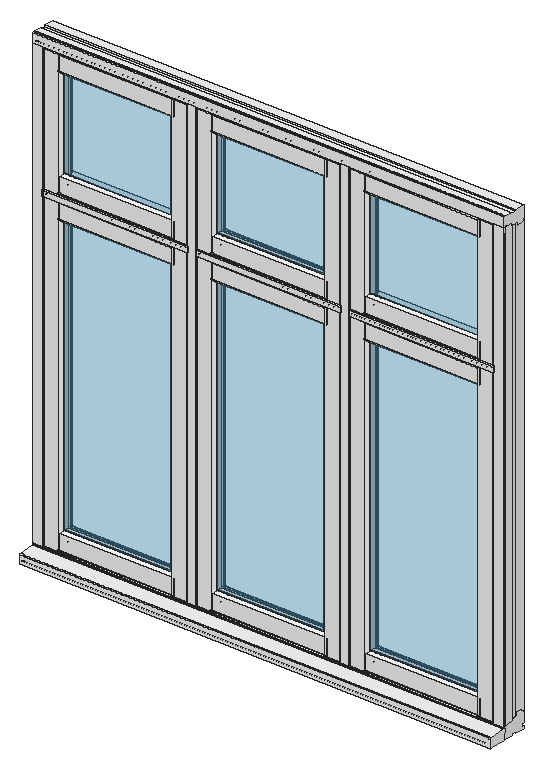
Revit family "C33", category Generic Models, Revit 2012 (continued)
Automatic sketch dimensions
  plane 9 to Extrusion 16 sketch curve = 20.384 mm
  Extrusion 16 sketch curve to Extrusion 16 sketch curve = 2 mm  (x4)
  Extrusion 16 sketch curve to Extrusion 16 sketch curve = 3 mm  (x2)
  Extrusion 16 sketch curve to Extrusion 16 sketch curve = 10 mm  (x2)
  Extrusion 16 sketch curve to Extrusion 16 sketch curve = 11 mm
  plane 1 "Center (Front/Back)" to Extrusion 16 sketch curve = 7.616 mm
  Extrusion 16 sketch curve to plane 15 = 6.601 mm
  plane 22 to Extrusion 16 sketch curve = 8 mm
  Extrusion 16 sketch curve to Extrusion 16 sketch curve = 41 mm
  Extrusion 16 sketch curve to Extrusion 16 sketch curve = 6 mm
  Extrusion 17 sketch curve to plane 26 = 0 mm
  plane 26 to Extrusion 17 sketch curve = 3 mm
  plane 9 to Extrusion 17 sketch curve = 20.5 mm
  Extrusion 17 sketch curve to Extrusion 17 sketch curve = 2 mm  (x4)
  Extrusion 17 sketch curve to Extrusion 17 sketch curve = 3 mm  (x2)
  Extrusion 17 sketch curve to Extrusion 17 sketch curve = 10 mm  (x2)
  Extrusion 17 sketch curve to Extrusion 17 sketch curve = 11 mm
  plane 1 "Center (Front/Back)" to Extrusion 17 sketch curve = 7.5 mm
  Extrusion 17 sketch curve to plane 15 = 6.485 mm
  plane 26 to Extrusion 17 sketch curve = 11.993 mm
  Extrusion 17 sketch curve to Extrusion 17 sketch curve = 41 mm
  Extrusion 17 sketch curve to Extrusion 17 sketch curve = 6 mm
  Extrusion 18 sketch curve to plane 23 = 0 mm  (x4)
  Extrusion 18 sketch curve to plane 21 = 0 mm  (x4)
  plane 9 to Extrusion 18 sketch curve = 19.384 mm
  Extrusion 18 sketch curve to Extrusion 18 sketch curve = 4 mm  (x2)
  Extrusion 18 sketch curve to plane 21 = 2 mm
  Extrusion 18 sketch curve to Extrusion 18 sketch curve = 2 mm  (x2)
  Extrusion 18 sketch curve to Extrusion 18 sketch curve = 7 mm  (x2)
  Extrusion 18 sketch curve to plane 23 = 2 mm
  plane 22 to Extrusion 18 sketch curve = 2 mm
  plane 1 "Center (Front/Back)" to Extrusion 18 sketch curve = 7.616 mm  (x2)
  plane 20 to Extrusion 18 sketch curve = 2 mm
  Extrusion 18 sketch curve to plane 1 "Center (Front/Back)" = 0.384 mm  (x2)
  Extrusion 18 sketch curve to Extrusion 18 sketch curve = 3 mm  (x3)
  Extrusion 18 sketch curve to plane 1 "Center (Front/Back)" = 3.384 mm
  Extrusion 18 sketch curve to plane 15 = 3.601 mm  (x2)
  plane 15 to Extrusion 18 sketch curve = 0.399 mm  (x2)
  plane 20 to Extrusion 18 sketch curve = 3 mm
  plane 15 to Extrusion 18 sketch curve = 16.399 mm
  Extrusion 18 sketch curve to Extrusion 18 sketch curve = 16 mm
  plane 22 to Extrusion 18 sketch curve = 3 mm
  Extrusion 18 sketch curve to Extrusion 18 sketch curve = 10 mm  (x2)
  plane 20 to Extrusion 18 sketch curve = 16 mm
  plane 20 to Extrusion 18 sketch curve = 4 mm
  Extrusion 18 sketch curve to Extrusion 18 sketch curve = 1 mm  (x2)
  plane 22 to Extrusion 18 sketch curve = 4 mm
  Extrusion 19 sketch curve to plane 17 = 3.359 mm
  plane 9 to Extrusion 19 sketch curve = 20.5 mm
  Extrusion 19 sketch curve to plane 17 = 0.359 mm
  Extrusion 19 sketch curve to Extrusion 19 sketch curve = 2 mm  (x4)
  Extrusion 19 sketch curve to Extrusion 19 sketch curve = 3 mm  (x2)
  Extrusion 19 sketch curve to Extrusion 19 sketch curve = 10 mm  (x2)
  Extrusion 19 sketch curve to Extrusion 19 sketch curve = 11 mm
  plane 1 "Center (Front/Back)" to Extrusion 19 sketch curve = 7.5 mm
  Extrusion 19 sketch curve to plane 15 = 6.485 mm
  Extrusion 19 sketch curve to plane 17 = 8.359 mm
  Extrusion 19 sketch curve to Extrusion 19 sketch curve = 41 mm
  Extrusion 19 sketch curve to Extrusion 19 sketch curve = 6 mm
  Extrusion 20 sketch curve to plane 14 = 9 mm
  plane 9 to Extrusion 20 sketch curve = 20.884 mm
  Extrusion 20 sketch curve to Extrusion 20 sketch curve = 3 mm  (x2)
  Extrusion 20 sketch curve to Extrusion 20 sketch curve = 2 mm  (x4)
  plane 11 to Extrusion 20 sketch curve = 2.951 mm
  Extrusion 20 sketch curve to Extrusion 20 sketch curve = 10 mm
  plane 14 to Extrusion 20 sketch curve = 1.951 mm
  Extrusion 20 sketch curve to Extrusion 20 sketch curve = 11 mm
  plane 1 "Center (Front/Back)" to Extrusion 20 sketch curve = 7.116 mm
  plane 14 to Extrusion 20 sketch curve = 2.951 mm
  Extrusion 20 sketch curve to plane 15 = 6.101 mm
  Extrusion 20 sketch curve to plane 11 = 7.049 mm
  Extrusion 20 sketch curve to plane 11 = 13.049 mm
  Extrusion 21 sketch curve to plane 14 = 0 mm  (x2)
  plane 9 to Extrusion 21 sketch curve = 20.5 mm
  Extrusion 21 sketch curve to Extrusion 21 sketch curve = 3 mm  (x2)
  Extrusion 21 sketch curve to Extrusion 21 sketch curve = 2 mm  (x2)
  plane 11 to Extrusion 21 sketch curve = 3 mm
  Extrusion 21 sketch curve to Extrusion 21 sketch curve = 10 mm
  plane 14 to Extrusion 21 sketch curve = 2 mm
  Extrusion 21 sketch curve to Extrusion 21 sketch curve = 11 mm
  plane 1 "Center (Front/Back)" to Extrusion 21 sketch curve = 7.5 mm
  plane 14 to Extrusion 21 sketch curve = 3 mm
  Extrusion 21 sketch curve to plane 15 = 6.485 mm
  Extrusion 21 sketch curve to plane 14 = 9 mm
  Extrusion 21 sketch curve to plane 11 = 13 mm
  Extrusion 21 sketch curve to plane 11 = 7 mm
  Extrusion 22 sketch curve to plane 27 = 0 mm
  Extrusion 22 sketch curve to plane 29 = 0 mm
  plane 28 to Extrusion 22 sketch curve = 2 mm  (x3)
  plane 9 to Extrusion 22 sketch curve = 19.384 mm
  Extrusion 22 sketch curve to Extrusion 22 sketch curve = 2 mm  (x2)
  Extrusion 22 sketch curve to Extrusion 22 sketch curve = 4 mm
  plane 28 to Extrusion 22 sketch curve = 4 mm
  Extrusion 22 sketch curve to Extrusion 22 sketch curve = 7 mm
  plane 1 "Center (Front/Back)" to Extrusion 22 sketch curve = 7.616 mm
  plane 1 "Center (Front/Back)" to Extrusion 22 sketch curve = 5.616 mm
  Extrusion 22 sketch curve to plane 1 "Center (Front/Back)" = 0.384 mm
  Extrusion 22 sketch curve to Extrusion 22 sketch curve = 3 mm  (x4)
  Extrusion 22 sketch curve to plane 15 = 3.601 mm
  plane 15 to Extrusion 22 sketch curve = 0.399 mm  (x3)
  Extrusion 22 sketch curve to Extrusion 22 sketch curve = 6 mm
  Extrusion 22 sketch curve to Extrusion 22 sketch curve = 10 mm  (x3)
  Extrusion 22 sketch curve to Extrusion 22 sketch curve = 16 mm
  Extrusion 22 sketch curve to plane 29 = 0.783 mm
  plane 26 to Extrusion 22 sketch curve = 3.217 mm
  Extrusion 22 sketch curve to Extrusion 22 sketch curve = 5 mm
  plane 26 to Extrusion 22 sketch curve = 10.217 mm
  plane 26 to Extrusion 22 sketch curve = 11.217 mm
  Extrusion 22 sketch curve to Extrusion 22 sketch curve = 1 mm  (x3)
  Extrusion 22 sketch curve to Extrusion 22 sketch curve = 8 mm
  plane 28 to Extrusion 22 sketch curve = 2.217 mm
  Extrusion 22 sketch curve to plane 29 = 2 mm
  Extrusion 23 sketch curve to plane 28 = 0 mm
  plane 29 to Extrusion 23 sketch curve = 1 mm  (x2)
  plane 9 to Extrusion 23 sketch curve = 20.5 mm
  Extrusion 23 sketch curve to Extrusion 23 sketch curve = 2 mm  (x4)
  Extrusion 23 sketch curve to Extrusion 23 sketch curve = 10 mm  (x2)
  Extrusion 23 sketch curve to Extrusion 23 sketch curve = 11 mm
  plane 1 "Center (Front/Back)" to Extrusion 23 sketch curve = 7.5 mm
  Extrusion 23 sketch curve to plane 15 = 6.485 mm
  Extrusion 23 sketch curve to Extrusion 23 sketch curve = 3 mm
  Extrusion 23 sketch curve to plane 29 = 4 mm
  Extrusion 23 sketch curve to Extrusion 23 sketch curve = 42 mm
  Extrusion 23 sketch curve to Extrusion 23 sketch curve = 6 mm
  Sweep 24 sketch curve to plane 11 = 12.9 mm
  Sweep 24 sketch curve to plane 24 = 52.12 mm
  plane 22 to Sweep 24 sketch curve = 52.1 mm
  Sweep 24 sketch curve to plane 29 = 49.883 mm
  Sweep 24 sketch curve to profile plane = 0 mm
  Sweep 24 sketch curve to profile plane = 8 mm
  profile plane to Sweep 24 sketch curve = 15.893 mm
  Sweep 24 sketch curve to Sweep 24 sketch curve = 3 mm  (x3)
  Sweep 24 sketch curve to Sweep 24 sketch curve = 4 mm  (x2)
  profile plane to Sweep 24 sketch curve = 4.893 mm
  Sweep 24 sketch curve to profile plane = 0.107 mm
  Extrusion 25 sketch curve to plane 24 = 3.013 mm
  plane 9 to Extrusion 25 sketch curve = 20.384 mm
  Extrusion 25 sketch curve to plane 24 = 0.013 mm
  Extrusion 25 sketch curve to Extrusion 25 sketch curve = 2 mm  (x4)
  Extrusion 25 sketch curve to Extrusion 25 sketch curve = 3 mm  (x2)
  Extrusion 25 sketch curve to Extrusion 25 sketch curve = 10 mm  (x2)
  Extrusion 25 sketch curve to Extrusion 25 sketch curve = 11 mm
  plane 1 "Center (Front/Back)" to Extrusion 25 sketch curve = 7.616 mm
  Extrusion 25 sketch curve to plane 15 = 6.601 mm
  Extrusion 25 sketch curve to plane 24 = 8.013 mm
  Extrusion 25 sketch curve to Extrusion 25 sketch curve = 42 mm
  Extrusion 25 sketch curve to Extrusion 25 sketch curve = 6 mm
  Extrusion 26 sketch curve to plane 22 = 0 mm
  plane 22 to Extrusion 26 sketch curve = 3 mm  (x2)
  plane 9 to Extrusion 26 sketch curve = 20.384 mm
  Extrusion 26 sketch curve to Extrusion 26 sketch curve = 2 mm  (x4)
  Extrusion 26 sketch curve to Extrusion 26 sketch curve = 10 mm  (x2)
  Extrusion 26 sketch curve to Extrusion 26 sketch curve = 11 mm
  plane 1 "Center (Front/Back)" to Extrusion 26 sketch curve = 7.616 mm
  Extrusion 26 sketch curve to plane 15 = 6.601 mm
  Extrusion 26 sketch curve to Extrusion 26 sketch curve = 3 mm
  plane 22 to Extrusion 26 sketch curve = 8 mm
  Extrusion 26 sketch curve to Extrusion 26 sketch curve = 41 mm
  Extrusion 26 sketch curve to Extrusion 26 sketch curve = 6 mm
  plane 1 "Center (Front/Back)" to Extrusion 27 sketch curve = 8.984 mm
  Extrusion 27 sketch curve to plane 24 = 56.013 mm
  Extrusion 27 sketch curve to Extrusion 27 sketch curve = 0 mm  (x2)
  plane 22 to Extrusion 27 sketch curve = 51.993 mm
  Extrusion 27 sketch curve to Extrusion 27 sketch curve = 4 mm  (x2)
  Extrusion 27 sketch curve to Extrusion 27 sketch curve = 16 mm
  Sweep 28 sketch curve to plane 11 = 9 mm
  Sweep 28 sketch curve to plane 24 = 56.013 mm
  plane 22 to Sweep 28 sketch curve = 55.993 mm
  Sweep 28 sketch curve to plane 29 = 53.776 mm
  profile plane to Sweep 28 sketch curve = 0 mm
  Sweep 28 sketch curve to Sweep 28 sketch curve = 10 mm
  Sweep 28 sketch curve to profile plane = 8 mm
  profile plane to Sweep 28 sketch curve = 8 mm
  Sweep 29 sketch curve to plane 11 = 12.9 mm
  plane 20 to Sweep 29 sketch curve = 52.2 mm
  Sweep 29 sketch curve to plane 13 = 44.187 mm
  Sweep 29 sketch curve to plane 17 = 52.559 mm
  Sweep 29 sketch curve to profile plane = 0 mm
  Sweep 29 sketch curve to profile plane = 8 mm
  profile plane to Sweep 29 sketch curve = 15.893 mm
  Sweep 29 sketch curve to Sweep 29 sketch curve = 3 mm  (x3)
  Sweep 29 sketch curve to Sweep 29 sketch curve = 4 mm  (x2)
  profile plane to Sweep 29 sketch curve = 4.893 mm
  Sweep 29 sketch curve to profile plane = 0.107 mm
  plane 20 to Extrusion 30 sketch curve = 56.227 mm
  Extrusion 30 sketch curve to Extrusion 30 sketch curve = 0.866 mm
  Extrusion 30 sketch curve to plane 13 = 48.08 mm
  plane 1 "Center (Front/Back)" to Extrusion 30 sketch curve = 8.984 mm
  Extrusion 30 sketch curve to Extrusion 30 sketch curve = 0 mm
  Extrusion 30 sketch curve to Extrusion 30 sketch curve = 4 mm  (x2)
  Extrusion 30 sketch curve to Extrusion 30 sketch curve = 16 mm
  Sweep 31 sketch curve to plane 11 = 9 mm
  plane 20 to Sweep 31 sketch curve = 56.227 mm
  Sweep 31 sketch curve to plane 13 = 48.08 mm
  Sweep 31 sketch curve to plane 17 = 56 mm
  profile plane to Sweep 31 sketch curve = 0 mm
  profile plane to Sweep 31 sketch curve = 10 mm
  Sweep 31 sketch curve to profile plane = 8 mm
  profile plane to Sweep 31 sketch curve = 8 mm
  Extrusion 32 sketch curve to plane 17 = 2.943 mm  (x2)
  plane 9 to Extrusion 32 sketch curve = 20.5 mm
  plane 17 to Extrusion 32 sketch curve = 0.057 mm
  Extrusion 32 sketch curve to Extrusion 32 sketch curve = 2 mm  (x4)
  Extrusion 32 sketch curve to Extrusion 32 sketch curve = 10 mm  (x2)
  Extrusion 32 sketch curve to Extrusion 32 sketch curve = 11 mm
  plane 1 "Center (Front/Back)" to Extrusion 32 sketch curve = 7.5 mm
  Extrusion 32 sketch curve to plane 15 = 6.485 mm
  Extrusion 32 sketch curve to Extrusion 32 sketch curve = 3 mm
  Extrusion 32 sketch curve to plane 17 = 7.943 mm
  Extrusion 32 sketch curve to Extrusion 32 sketch curve = 42 mm
  Extrusion 32 sketch curve to Extrusion 32 sketch curve = 6 mm
  Sweep 33 sketch curve to plane 11 = 12.9 mm
  Sweep 33 sketch curve to plane 19 = 52.12 mm
  plane 25 to Sweep 33 sketch curve = 84.1 mm
  Sweep 33 sketch curve to plane 17 = 52.1 mm
  Sweep 33 sketch curve to profile plane = 0 mm
  Sweep 33 sketch curve to profile plane = 8 mm
  profile plane to Sweep 33 sketch curve = 15.893 mm
  Sweep 33 sketch curve to Sweep 33 sketch curve = 3 mm  (x3)
  Sweep 33 sketch curve to Sweep 33 sketch curve = 4 mm  (x2)
  profile plane to Sweep 33 sketch curve = 4.893 mm
  Sweep 33 sketch curve to profile plane = 0.107 mm
  plane 1 "Center (Front/Back)" to Extrusion 34 sketch curve = 8.984 mm
  Extrusion 34 sketch curve to plane 19 = 56.013 mm
  Extrusion 34 sketch curve to Extrusion 34 sketch curve = 0 mm  (x2)
  plane 1 "Center (Front/Back)" to Extrusion 34 sketch curve = 28.984 mm
  plane 25 to Extrusion 34 sketch curve = 88.993 mm
  Extrusion 34 sketch curve to Extrusion 34 sketch curve = 4 mm  (x2)
  Sweep 35 sketch curve to plane 11 = 9.007 mm
  Sweep 35 sketch curve to plane 19 = 56.013 mm
  plane 25 to Sweep 35 sketch curve = 88 mm
  Sweep 35 sketch curve to plane 17 = 55.943 mm
  profile plane to Sweep 35 sketch curve = 0 mm
  profile plane to Sweep 35 sketch curve = 10 mm
  Sweep 35 sketch curve to profile plane = 8 mm
  profile plane to Sweep 35 sketch curve = 8 mm
  Extrusion 36 sketch curve to plane 25 = 0 mm  (x4)
  plane 9 to Extrusion 36 sketch curve = 19.384 mm
  Extrusion 36 sketch curve to Extrusion 36 sketch curve = 4 mm  (x2)
  plane 25 to Extrusion 36 sketch curve = 2 mm
  Extrusion 36 sketch curve to Extrusion 36 sketch curve = 2 mm  (x3)
  Extrusion 36 sketch curve to Extrusion 36 sketch curve = 7 mm  (x3)
  plane 1 "Center (Front/Back)" to Extrusion 36 sketch curve = 7.616 mm  (x2)
  Extrusion 36 sketch curve to plane 24 = 2 mm
  Extrusion 36 sketch curve to plane 1 "Center (Front/Back)" = 0.384 mm  (x2)
  Extrusion 36 sketch curve to Extrusion 36 sketch curve = 3 mm  (x3)
  Extrusion 36 sketch curve to plane 1 "Center (Front/Back)" = 3.384 mm
  Extrusion 36 sketch curve to plane 15 = 3.601 mm  (x2)
  plane 15 to Extrusion 36 sketch curve = 0.399 mm  (x2)
  Extrusion 36 sketch curve to plane 24 = 3 mm
  plane 15 to Extrusion 36 sketch curve = 16.399 mm
  Extrusion 36 sketch curve to Extrusion 36 sketch curve = 16 mm
  Extrusion 36 sketch curve to Extrusion 36 sketch curve = 10 mm  (x2)
  Extrusion 36 sketch curve to plane 24 = 16 mm
  Extrusion 36 sketch curve to plane 24 = 4 mm
  Extrusion 36 sketch curve to Extrusion 36 sketch curve = 1 mm  (x3)
  Extrusion 36 sketch curve to Extrusion 36 sketch curve = 22 mm
  Extrusion 36 sketch curve to Extrusion 36 sketch curve = 0 mm  (x2)
  Extrusion 36 sketch curve to Extrusion 36 sketch curve = 6 mm
  Extrusion 36 sketch curve to Extrusion 36 sketch curve = 8 mm
  Extrusion 37 sketch curve to plane 14 = 0 mm  (x2)
  plane 9 to Extrusion 37 sketch curve = 20.5 mm
  Extrusion 37 sketch curve to Extrusion 37 sketch curve = 3 mm  (x2)
  Extrusion 37 sketch curve to Extrusion 37 sketch curve = 2 mm  (x2)
  plane 11 to Extrusion 37 sketch curve = 3 mm
  Extrusion 37 sketch curve to Extrusion 37 sketch curve = 10 mm
  plane 14 to Extrusion 37 sketch curve = 2 mm
  Extrusion 37 sketch curve to Extrusion 37 sketch curve = 11 mm
  plane 1 "Center (Front/Back)" to Extrusion 37 sketch curve = 7.5 mm
  plane 14 to Extrusion 37 sketch curve = 3 mm
  Extrusion 37 sketch curve to plane 15 = 6.485 mm
  Extrusion 37 sketch curve to plane 14 = 9 mm
  Extrusion 37 sketch curve to plane 11 = 13 mm
  Extrusion 37 sketch curve to plane 11 = 7 mm
  plane 5 to Sweep 38 sketch curve = 0 mm
  Sweep 38 sketch curve to plane 16 = 0 mm
  Sweep 38 sketch curve to level = 0 mm
  Sweep 38 sketch curve to profile plane = 0 mm  (x3)
  Sweep 38 sketch curve to profile plane = 47 mm
  Sweep 38 sketch curve to Sweep 38 sketch curve = 3 mm  (x2)
  Sweep 38 sketch curve to Sweep 38 sketch curve = 10 mm
  Sweep 38 sketch curve to Sweep 38 sketch curve = 16 mm
  Sweep 38 sketch curve to Sweep 38 sketch curve = 4 mm
  Sweep 38 sketch curve to profile plane = 5 mm
  Sweep 38 sketch curve to profile plane = 10 mm
  Sweep 38 sketch curve to profile plane = 4 mm
  Sweep 38 sketch curve to profile plane = 1 mm
  profile plane to Sweep 38 sketch curve = 7 mm
  profile plane to Sweep 38 sketch curve = 10 mm
  Sweep 38 sketch curve to Sweep 38 sketch curve = 24.08 mm
  Sweep 38 sketch curve to Sweep 38 sketch curve = 0.647 mm
  Sweep 38 sketch curve to Sweep 38 sketch curve = 2.999 mm
  Sweep 38 sketch curve to Sweep 38 sketch curve = 26 mm
  Sweep 38 sketch curve to Sweep 38 sketch curve = 6.921 mm
  Sweep 38 sketch curve to Sweep 38 sketch curve = 2 mm
  Sweep 38 sketch curve to Sweep 38 sketch curve = 0.995 mm
  Sweep 38 sketch curve to Sweep 38 sketch curve = 5 mm
  Sweep 38 sketch curve to profile plane = 2 mm
  Sweep 38 sketch curve to Sweep 38 sketch curve = 31 mm
  Sweep 38 sketch curve to Sweep 38 sketch curve = 0.071 mm
  Sweep 38 sketch curve to Sweep 38 sketch curve = 0.17 mm
  Sweep 38 sketch curve to Sweep 38 sketch curve = 0 mm  (x3)
  Sweep 38 sketch curve to Sweep 38 sketch curve = 7 mm
  Sweep 38 sketch curve to Sweep 38 sketch curve = 8 mm
  Sweep 38 sketch curve to Sweep 38 sketch curve = 12 mm
  Sweep 39 sketch curve to plane 7 = 0 mm
  Sweep 39 sketch curve to plane 16 = 0 mm
  Sweep 39 sketch curve to level = 0 mm
  Sweep 39 sketch curve to profile plane = 0 mm  (x3)
  Sweep 39 sketch curve to profile plane = 47 mm
  Sweep 39 sketch curve to Sweep 39 sketch curve = 3 mm  (x3)
  Sweep 39 sketch curve to Sweep 39 sketch curve = 10 mm
  Sweep 39 sketch curve to Sweep 39 sketch curve = 16 mm
  Sweep 39 sketch curve to Sweep 39 sketch curve = 4 mm
  profile plane to Sweep 39 sketch curve = 5 mm
  Sweep 39 sketch curve to profile plane = 10 mm
  Sweep 39 sketch curve to profile plane = 4 mm
  Sweep 39 sketch curve to profile plane = 1 mm
  profile plane to Sweep 39 sketch curve = 7 mm
  profile plane to Sweep 39 sketch curve = 10 mm
  Sweep 39 sketch curve to Sweep 39 sketch curve = 24.08 mm
  Sweep 39 sketch curve to Sweep 39 sketch curve = 0.647 mm
  Sweep 39 sketch curve to Sweep 39 sketch curve = 2.999 mm
  Sweep 39 sketch curve to Sweep 39 sketch curve = 26 mm
  Sweep 39 sketch curve to Sweep 39 sketch curve = 6.921 mm
  Sweep 39 sketch curve to Sweep 39 sketch curve = 2 mm
  Sweep 39 sketch curve to Sweep 39 sketch curve = 0.995 mm
  Sweep 39 sketch curve to Sweep 39 sketch curve = 5 mm
  profile plane to Sweep 39 sketch curve = 33 mm
  Sweep 39 sketch curve to Sweep 39 sketch curve = 0.071 mm
  Sweep 39 sketch curve to Sweep 39 sketch curve = 0.17 mm
  Sweep 39 sketch curve to Sweep 39 sketch curve = 0 mm  (x3)
  Sweep 39 sketch curve to Sweep 39 sketch curve = 7 mm
  Sweep 39 sketch curve to Sweep 39 sketch curve = 8 mm
  profile plane to Sweep 39 sketch curve = 2 mm
  Sweep 40 sketch curve to plane 5 = 0 mm
  Sweep 40 sketch curve to plane 7 = 0 mm
  plane 1 "Center (Front/Back)" to Sweep 40 sketch curve = 1.015 mm
  Sweep 40 sketch curve to level = 5 mm
  profile plane to Sweep 40 sketch curve = 132 mm
  Sweep 40 sketch curve to Sweep 40 sketch curve = 2.63 mm
  Sweep 40 sketch curve to Sweep 40 sketch curve = 3 mm  (x5)
  level to Sweep 40 sketch curve = 30.977 mm
  Sweep 40 sketch curve to Sweep 40 sketch curve = 25 mm
  level to Sweep 40 sketch curve = 33.978 mm
  Sweep 40 sketch curve to Sweep 40 sketch curve = 25.006 mm
  Sweep 40 sketch curve to Sweep 40 sketch curve = 32.364 mm
  Sweep 40 sketch curve to Sweep 40 sketch curve = 2 mm  (x2)
  profile plane to Sweep 40 sketch curve = 5 mm
  Sweep 40 sketch curve to profile plane = 18 mm
  Sweep 40 sketch curve to Sweep 40 sketch curve = 0 mm
  Sweep 40 sketch curve to Sweep 40 sketch curve = 6 mm
  Sweep 40 sketch curve to Sweep 40 sketch curve = 10 mm  (x2)
  Sweep 40 sketch curve to Sweep 40 sketch curve = 11 mm
  level to Sweep 40 sketch curve = 25 mm
  Sweep 40 sketch curve to Sweep 40 sketch curve = 4.022 mm
  Sweep 40 sketch curve to Sweep 40 sketch curve = 5 mm  (x2)
  Sweep 40 sketch curve to Sweep 40 sketch curve = 1 mm  (x2)
  Extrusion 41 sketch curve to plane 27 = 0 mm
  Extrusion 41 sketch curve to plane 29 = 0 mm
  plane 28 to Extrusion 41 sketch curve = 2 mm  (x3)
  plane 9 to Extrusion 41 sketch curve = 19.384 mm
  Extrusion 41 sketch curve to Extrusion 41 sketch curve = 2 mm  (x2)
  Extrusion 41 sketch curve to Extrusion 41 sketch curve = 4 mm
  plane 28 to Extrusion 41 sketch curve = 4 mm
  Extrusion 41 sketch curve to Extrusion 41 sketch curve = 7 mm
  plane 1 "Center (Front/Back)" to Extrusion 41 sketch curve = 7.616 mm
  plane 1 "Center (Front/Back)" to Extrusion 41 sketch curve = 5.616 mm
  Extrusion 41 sketch curve to plane 1 "Center (Front/Back)" = 0.384 mm
  Extrusion 41 sketch curve to Extrusion 41 sketch curve = 3 mm  (x4)
  Extrusion 41 sketch curve to plane 15 = 3.601 mm
  plane 15 to Extrusion 41 sketch curve = 0.399 mm  (x3)
  Extrusion 41 sketch curve to Extrusion 41 sketch curve = 6 mm
  Extrusion 41 sketch curve to Extrusion 41 sketch curve = 10 mm  (x3)
  Extrusion 41 sketch curve to Extrusion 41 sketch curve = 16 mm
  Extrusion 41 sketch curve to plane 29 = 0.783 mm
  plane 26 to Extrusion 41 sketch curve = 3.217 mm
  Extrusion 41 sketch curve to Extrusion 41 sketch curve = 5 mm
  plane 26 to Extrusion 41 sketch curve = 10.217 mm
  plane 26 to Extrusion 41 sketch curve = 11.217 mm
  Extrusion 41 sketch curve to Extrusion 41 sketch curve = 1 mm  (x3)
  Extrusion 41 sketch curve to Extrusion 41 sketch curve = 8 mm
  plane 28 to Extrusion 41 sketch curve = 2.217 mm
  Extrusion 41 sketch curve to plane 29 = 2 mm
  Extrusion 42 sketch curve to plane 28 = 0 mm
  plane 29 to Extrusion 42 sketch curve = 1 mm  (x2)
  plane 9 to Extrusion 42 sketch curve = 20.5 mm
  Extrusion 42 sketch curve to Extrusion 42 sketch curve = 2 mm  (x4)
  Extrusion 42 sketch curve to Extrusion 42 sketch curve = 10 mm  (x2)
  Extrusion 42 sketch curve to Extrusion 42 sketch curve = 11 mm
  plane 1 "Center (Front/Back)" to Extrusion 42 sketch curve = 7.5 mm
  Extrusion 42 sketch curve to plane 15 = 6.485 mm
  Extrusion 42 sketch curve to Extrusion 42 sketch curve = 3 mm
  Extrusion 42 sketch curve to plane 29 = 4 mm
  Extrusion 42 sketch curve to Extrusion 42 sketch curve = 42 mm
  Extrusion 42 sketch curve to Extrusion 42 sketch curve = 6 mm
  Extrusion 43 sketch curve to plane 27 = 0 mm
  Extrusion 43 sketch curve to plane 29 = 0 mm
  plane 28 to Extrusion 43 sketch curve = 2 mm  (x3)
  plane 9 to Extrusion 43 sketch curve = 19.384 mm
  Extrusion 43 sketch curve to Extrusion 43 sketch curve = 2 mm  (x2)
  Extrusion 43 sketch curve to Extrusion 43 sketch curve = 4 mm
  plane 28 to Extrusion 43 sketch curve = 4 mm
  Extrusion 43 sketch curve to Extrusion 43 sketch curve = 7 mm
  plane 1 "Center (Front/Back)" to Extrusion 43 sketch curve = 7.616 mm
  plane 1 "Center (Front/Back)" to Extrusion 43 sketch curve = 5.616 mm
  Extrusion 43 sketch curve to plane 1 "Center (Front/Back)" = 0.384 mm
  Extrusion 43 sketch curve to Extrusion 43 sketch curve = 3 mm  (x4)
  Extrusion 43 sketch curve to plane 15 = 3.601 mm
  plane 15 to Extrusion 43 sketch curve = 0.399 mm  (x3)
  Extrusion 43 sketch curve to Extrusion 43 sketch curve = 6 mm
  Extrusion 43 sketch curve to Extrusion 43 sketch curve = 10 mm  (x3)
  Extrusion 43 sketch curve to Extrusion 43 sketch curve = 16 mm
  Extrusion 43 sketch curve to plane 29 = 0.783 mm
  plane 26 to Extrusion 43 sketch curve = 3.217 mm
  Extrusion 43 sketch curve to Extrusion 43 sketch curve = 5 mm
  plane 26 to Extrusion 43 sketch curve = 10.217 mm
  plane 26 to Extrusion 43 sketch curve = 11.217 mm
  Extrusion 43 sketch curve to Extrusion 43 sketch curve = 1 mm  (x3)
  Extrusion 43 sketch curve to Extrusion 43 sketch curve = 8 mm
  plane 28 to Extrusion 43 sketch curve = 2.217 mm
  Extrusion 43 sketch curve to plane 29 = 2 mm
  Extrusion 44 sketch curve to plane 28 = 0 mm
  plane 29 to Extrusion 44 sketch curve = 1 mm  (x2)
  plane 9 to Extrusion 44 sketch curve = 20.5 mm
  Extrusion 44 sketch curve to Extrusion 44 sketch curve = 2 mm  (x4)
  Extrusion 44 sketch curve to Extrusion 44 sketch curve = 10 mm  (x2)
  Extrusion 44 sketch curve to Extrusion 44 sketch curve = 11 mm
  plane 1 "Center (Front/Back)" to Extrusion 44 sketch curve = 7.5 mm
  Extrusion 44 sketch curve to plane 15 = 6.485 mm
  Extrusion 44 sketch curve to Extrusion 44 sketch curve = 3 mm
  Extrusion 44 sketch curve to plane 29 = 4 mm
  Extrusion 44 sketch curve to Extrusion 44 sketch curve = 42 mm
  Extrusion 44 sketch curve to Extrusion 44 sketch curve = 6 mm
  Extrusion 45 sketch curve to plane 26 = 0 mm
  plane 26 to Extrusion 45 sketch curve = 3 mm
  plane 9 to Extrusion 45 sketch curve = 20.5 mm
  Extrusion 45 sketch curve to Extrusion 45 sketch curve = 2 mm  (x4)
  Extrusion 45 sketch curve to Extrusion 45 sketch curve = 3 mm  (x2)
  Extrusion 45 sketch curve to Extrusion 45 sketch curve = 10 mm  (x2)
  Extrusion 45 sketch curve to Extrusion 45 sketch curve = 11 mm
  plane 1 "Center (Front/Back)" to Extrusion 45 sketch curve = 7.5 mm
  Extrusion 45 sketch curve to plane 15 = 6.485 mm
  plane 26 to Extrusion 45 sketch curve = 11.993 mm
  Extrusion 45 sketch curve to Extrusion 45 sketch curve = 41 mm
  Extrusion 45 sketch curve to Extrusion 45 sketch curve = 6 mm
  Extrusion 46 sketch curve to plane 26 = 0 mm
  plane 26 to Extrusion 46 sketch curve = 3 mm
  plane 9 to Extrusion 46 sketch curve = 20.5 mm
  Extrusion 46 sketch curve to Extrusion 46 sketch curve = 2 mm  (x4)
  Extrusion 46 sketch curve to Extrusion 46 sketch curve = 3 mm  (x2)
  Extrusion 46 sketch curve to Extrusion 46 sketch curve = 10 mm  (x2)
  Extrusion 46 sketch curve to Extrusion 46 sketch curve = 11 mm
  plane 1 "Center (Front/Back)" to Extrusion 46 sketch curve = 7.5 mm
  Extrusion 46 sketch curve to plane 15 = 6.485 mm
  plane 26 to Extrusion 46 sketch curve = 11.993 mm
  Extrusion 46 sketch curve to Extrusion 46 sketch curve = 41 mm
  Extrusion 46 sketch curve to Extrusion 46 sketch curve = 6 mm
  Extrusion 47 sketch curve to plane 30 = 0 mm
  plane 30 to Extrusion 47 sketch curve = 3 mm  (x2)
  plane 9 to Extrusion 47 sketch curve = 20.384 mm
  Extrusion 47 sketch curve to Extrusion 47 sketch curve = 2 mm  (x4)
  Extrusion 47 sketch curve to Extrusion 47 sketch curve = 10 mm  (x2)
  Extrusion 47 sketch curve to plane 13 = 2.013 mm
  Extrusion 47 sketch curve to Extrusion 47 sketch curve = 11 mm
  plane 1 "Center (Front/Back)" to Extrusion 47 sketch curve = 7.616 mm
  Extrusion 47 sketch curve to plane 13 = 3.013 mm
  Extrusion 47 sketch curve to plane 15 = 6.601 mm
  Extrusion 47 sketch curve to Extrusion 47 sketch curve = 41 mm
  Extrusion 47 sketch curve to Extrusion 47 sketch curve = 6 mm
  Extrusion 48 sketch curve to plane 30 = 0 mm
  plane 30 to Extrusion 48 sketch curve = 3 mm
  plane 9 to Extrusion 48 sketch curve = 20.384 mm
  Extrusion 48 sketch curve to Extrusion 48 sketch curve = 2 mm  (x4)
  Extrusion 48 sketch curve to Extrusion 48 sketch curve = 3 mm
  Extrusion 48 sketch curve to Extrusion 48 sketch curve = 10 mm  (x2)
  Extrusion 48 sketch curve to plane 13 = 2.013 mm
  Extrusion 48 sketch curve to Extrusion 48 sketch curve = 11 mm
  plane 1 "Center (Front/Back)" to Extrusion 48 sketch curve = 7.616 mm
  Extrusion 48 sketch curve to plane 13 = 3.013 mm
  Extrusion 48 sketch curve to plane 15 = 6.601 mm
  Extrusion 48 sketch curve to Extrusion 48 sketch curve = 41 mm
  Extrusion 48 sketch curve to Extrusion 48 sketch curve = 6 mm
  plane 20 to Extrusion 49 sketch curve = 2.773 mm  (x2)
  plane 9 to Extrusion 49 sketch curve = 20.384 mm
  Extrusion 49 sketch curve to plane 20 = 0.227 mm
  Extrusion 49 sketch curve to Extrusion 49 sketch curve = 2 mm  (x4)
  Extrusion 49 sketch curve to Extrusion 49 sketch curve = 10 mm  (x2)
  Extrusion 49 sketch curve to Extrusion 49 sketch curve = 11 mm
  plane 1 "Center (Front/Back)" to Extrusion 49 sketch curve = 7.616 mm
  Extrusion 49 sketch curve to plane 15 = 6.601 mm
  Extrusion 49 sketch curve to Extrusion 49 sketch curve = 3 mm
  plane 20 to Extrusion 49 sketch curve = 7.773 mm
  Extrusion 49 sketch curve to Extrusion 49 sketch curve = 42 mm
  Extrusion 49 sketch curve to Extrusion 49 sketch curve = 6 mm
  plane 20 to Extrusion 50 sketch curve = 2.773 mm  (x2)
  plane 9 to Extrusion 50 sketch curve = 20.384 mm
  Extrusion 50 sketch curve to plane 20 = 0.227 mm
  Extrusion 50 sketch curve to Extrusion 50 sketch curve = 2 mm  (x4)
  Extrusion 50 sketch curve to Extrusion 50 sketch curve = 10 mm  (x2)
  Extrusion 50 sketch curve to Extrusion 50 sketch curve = 11 mm
  plane 1 "Center (Front/Back)" to Extrusion 50 sketch curve = 7.616 mm
  Extrusion 50 sketch curve to plane 15 = 6.601 mm
  Extrusion 50 sketch curve to Extrusion 50 sketch curve = 3 mm
  plane 20 to Extrusion 50 sketch curve = 7.773 mm
  Extrusion 50 sketch curve to Extrusion 50 sketch curve = 42 mm
  Extrusion 50 sketch curve to Extrusion 50 sketch curve = 6 mm
  Extrusion 51 sketch curve to plane 19 = 3.013 mm
  plane 9 to Extrusion 51 sketch curve = 20.384 mm
  Extrusion 51 sketch curve to plane 19 = 0.013 mm
  Extrusion 51 sketch curve to Extrusion 51 sketch curve = 2 mm  (x4)
  Extrusion 51 sketch curve to Extrusion 51 sketch curve = 3 mm  (x2)
  Extrusion 51 sketch curve to Extrusion 51 sketch curve = 10 mm  (x2)
  Extrusion 51 sketch curve to Extrusion 51 sketch curve = 11 mm
  plane 1 "Center (Front/Back)" to Extrusion 51 sketch curve = 7.616 mm
  Extrusion 51 sketch curve to plane 15 = 6.601 mm
  Extrusion 51 sketch curve to plane 19 = 8.013 mm
  Extrusion 51 sketch curve to Extrusion 51 sketch curve = 42 mm
  Extrusion 51 sketch curve to Extrusion 51 sketch curve = 6 mm
  Extrusion 52 sketch curve to plane 19 = 3.013 mm
  plane 9 to Extrusion 52 sketch curve = 20.384 mm
  Extrusion 52 sketch curve to plane 19 = 0.013 mm
  Extrusion 52 sketch curve to Extrusion 52 sketch curve = 2 mm  (x4)
  Extrusion 52 sketch curve to Extrusion 52 sketch curve = 3 mm  (x2)
  Extrusion 52 sketch curve to Extrusion 52 sketch curve = 10 mm  (x2)
  Extrusion 52 sketch curve to Extrusion 52 sketch curve = 11 mm
  plane 1 "Center (Front/Back)" to Extrusion 52 sketch curve = 7.616 mm
  Extrusion 52 sketch curve to plane 15 = 6.601 mm
  Extrusion 52 sketch curve to plane 19 = 8.013 mm
  Extrusion 52 sketch curve to Extrusion 52 sketch curve = 42 mm
  Extrusion 52 sketch curve to Extrusion 52 sketch curve = 6 mm
  plane 9 to Extrusion 53 sketch curve = 20.384 mm
  Extrusion 53 sketch curve to Extrusion 53 sketch curve = 3 mm  (x3)
  Extrusion 53 sketch curve to Extrusion 53 sketch curve = 2 mm  (x4)
  Extrusion 53 sketch curve to Extrusion 53 sketch curve = 10 mm  (x2)
  Extrusion 53 sketch curve to Extrusion 53 sketch curve = 11 mm
  plane 1 "Center (Front/Back)" to Extrusion 53 sketch curve = 7.616 mm
  Extrusion 53 sketch curve to plane 15 = 6.601 mm
  plane 25 to Extrusion 53 sketch curve = 31.773 mm
  Extrusion 53 sketch curve to Extrusion 53 sketch curve = 5 mm
  Extrusion 53 sketch curve to Extrusion 53 sketch curve = 41 mm
  Extrusion 53 sketch curve to Extrusion 53 sketch curve = 6 mm
  plane 9 to Extrusion 54 sketch curve = 20.384 mm
  Extrusion 54 sketch curve to Extrusion 54 sketch curve = 3 mm  (x3)
  Extrusion 54 sketch curve to Extrusion 54 sketch curve = 2 mm  (x4)
  Extrusion 54 sketch curve to Extrusion 54 sketch curve = 10 mm  (x2)
  Extrusion 54 sketch curve to Extrusion 54 sketch curve = 11 mm
  plane 1 "Center (Front/Back)" to Extrusion 54 sketch curve = 7.616 mm
  Extrusion 54 sketch curve to plane 15 = 6.601 mm
  plane 25 to Extrusion 54 sketch curve = 31.773 mm
  Extrusion 54 sketch curve to Extrusion 54 sketch curve = 5 mm
  Extrusion 54 sketch curve to Extrusion 54 sketch curve = 41 mm
  Extrusion 54 sketch curve to Extrusion 54 sketch curve = 6 mm
Types (3, lengths in mm): name | Width | Height | GlazingPanelMaterial | Floor Material
  Window Sill drawing | 1778 | 1770 | Glass | White
  Access Manager | 1250 | 1250 | none | none
  window family | 1778 | 1770 | Glass | 1.12A ANCHOR FIXING
